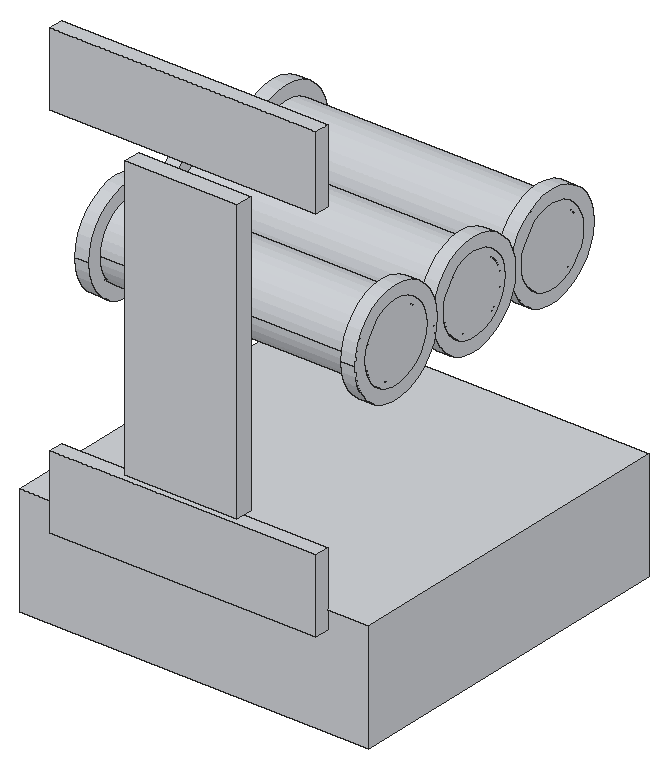
Revit family "GIS_CurrentTransformer", category Equipamento elétrico, Revit 2027
Family settings
  Configuração do painel = Duas colunas, circuitos transversais
  Cota do conector redondo = Utilizar diâmetro
  Tipo de parte = Painel de controle
  Com base no plano de trabalho = Não
  Sempre na vertical = Sim
  Corte com vazios quando carregada = Não
  Manter orientação da anotação = Não
  Compartilhado = Não
  Ponto de cálculo do ambiente = Não
Parameters (values of type "GIS_CT_145KV_STUDY")
  Default Elevation = 0 mm
  built-in parameter 1140142 [instance] = (empty or 0)
  built-in parameter 1140140 [instance] = 1 (stored number, unit not read)
  BIM_TensaoSecundaria_kV = 0
  BIM_TensaoNominal_kV = 138
  BIM_TensaoClasse_kV = 145
  BIM_TensaoClasseSecundaria_kV = 0
  BIM_TensaoAuxiliarCA_kV = 0
  BIM_Sistema_Elemento [instance] = ""
  BIM_ReferenciaCatalogo = "Portfolio estimate; ratio/class pending protection study"
  BIM_Profundidade = 800 mm
  BIM_Potencia_MVA = 0
  BIM_Localizacao [instance] = ""
  BIM_Largura = 800 mm
  BIM_Impedancia_pu = 0
  BIM_FonteGeometria = "Portfolio estimate; ratio/class pending protection study"
  BIM_Fabricante = "NAO SELECIONADO"
  BIM_EstadoGeometria = "ESTIMATED"
  BIM_EstadoEspecificacao = "PREMISSA / NAO SELECIONADO"
  BIM_DescricaoEstudo = "Transformador de corrente GIS; relacao, classe e nucleos nao selecionados."
  BIM_CorrenteReferenciaSecundaria_A = 0
  BIM_CorrenteNominal_A = 0
  BIM_Bay [instance] = ""
  BIM_AlturaCorpoPrincipal = 252 mm
  BIM_Altura = 1400 mm
  built-in parameter 1155100 [instance] = (empty or 0)
Reference planes
  plane 1 "Centro (Frente/Trás)": y = 0
  plane 2: z = 0
  plane 3 "Centro (Esquerda/Direita)": x = 0
  plane 4 "BIM Left": x = -400
  plane 5 "BIM Right": x = 400
  plane 6 "BIM Front": y = -400
  plane 7 "BIM Back": y = 400
Forms (mm)
  Extrusion 1, solid
    sketch origin (0, 0, 0) x (1, 0, 0) y (0, 1, 0)
      loop
        line (-400, -400) -> (400, -400) -> (400, 400) -> (-400, 400) -> (-400, -400)
    from 0 to 252 <- "BIM_AlturaCorpoPrincipal"
  Extrusion 2, solid
    sketch origin (0, 0, 210) x (1, 0, 0) y (0, 1, 0)
      loop
        line (-304, -433.528) -> (304, -433.528) -> (304, -400) -> (-304, -400) -> (-304, -433.528)
    from 0 to 168
  Extrusion 3, solid
    sketch origin (0, 0, 392) x (1, 0, 0) y (0, 1, 0)
      loop
        line (-128, -439.624) -> (128, -439.624) -> (128, -400) -> (-128, -400) -> (-128, -439.624)
    from 0 to 644
  Extrusion 4, solid
    sketch origin (0, 0, 1078) x (1, 0, 0) y (0, 1, 0)
      loop
        line (-304, -433.528) -> (304, -433.528) -> (304, -400) -> (-304, -400) -> (-304, -433.528)
    from 0 to 168
  Extrusion 5, solid
    sketch origin (-320, -224, 728) x (0, 1, 0) y (0, 0, 1)
      loop
        circle (0, 0) r 88
    from 0 to 640
  Extrusion 6, solid
    sketch origin (-320, -224, 728) x (0, 1, 0) y (0, 0, 1)
      loop
        circle (0, 0) r 117.92
      loop
        circle (0, 0) r 73.92
    from 0 to 32
  Extrusion 7, solid
    sketch origin (288, -224, 728) x (0, 1, 0) y (0, 0, 1)
      loop
        circle (0, 0) r 117.92
      loop
        circle (0, 0) r 73.92
    from 0 to 32
  Extrusion 8, solid
    sketch origin (-320, 0, 728) x (0, 1, 0) y (0, 0, 1)
      loop
        circle (0, 0) r 88
    from 0 to 640
  Extrusion 9, solid
    sketch origin (-320, 0, 728) x (0, 1, 0) y (0, 0, 1)
      loop
        circle (0, 0) r 117.92
      loop
        circle (0, 0) r 73.92
    from 0 to 32
  Extrusion 10, solid
    sketch origin (288, 0, 728) x (0, 1, 0) y (0, 0, 1)
      loop
        circle (0, 0) r 117.92
      loop
        circle (0, 0) r 73.92
    from 0 to 32
  Extrusion 11, solid
    sketch origin (-320, 224, 728) x (0, 1, 0) y (0, 0, 1)
      loop
        circle (0, 0) r 88
    from 0 to 640
  Extrusion 12, solid
    sketch origin (-320, 224, 728) x (0, 1, 0) y (0, 0, 1)
      loop
        circle (0, 0) r 117.92
      loop
        circle (0, 0) r 73.92
    from 0 to 32
  Extrusion 13, solid
    sketch origin (288, 224, 728) x (0, 1, 0) y (0, 0, 1)
      loop
        circle (0, 0) r 117.92
      loop
        circle (0, 0) r 73.92
    from 0 to 32
Dimensions and locks
  "BIM_Largura": plane 4 "BIM Left" to plane 5 "BIM Right"
  "BIM_Profundidade": plane 6 "BIM Front" to plane 7 "BIM Back"
  aligned and locked: level to plane 2
  aligned and locked: plane 4 "BIM Left" to Extrusion 1
  aligned and locked: Extrusion 1 to plane 5 "BIM Right"
  aligned and locked: Extrusion 1 to plane 6 "BIM Front"
  aligned and locked: plane 7 "BIM Back" to Extrusion 1
Automatic sketch dimensions
  Extrusion 1 sketch curve to plane 4 "BIM Left" = 0 mm
  Extrusion 1 sketch curve to plane 5 "BIM Right" = 0 mm
  Extrusion 1 sketch curve to plane 6 "BIM Front" = 0 mm
  Extrusion 1 sketch curve to plane 7 "BIM Back" = 0 mm
  Extrusion 2 sketch curve to plane 6 "BIM Front" = 0 mm
  Extrusion 2 sketch curve to plane 6 "BIM Front" = 33.528 mm
  Extrusion 2 sketch curve to plane 4 "BIM Left" = 96 mm
  plane 5 "BIM Right" to Extrusion 2 sketch curve = 96 mm
  Extrusion 3 sketch curve to plane 6 "BIM Front" = 0 mm
  Extrusion 3 sketch curve to plane 6 "BIM Front" = 39.624 mm
  Extrusion 3 sketch curve to plane 3 "Centro (Esquerda/Direita)" = 128 mm
  plane 3 "Centro (Esquerda/Direita)" to Extrusion 3 sketch curve = 128 mm
  Extrusion 4 sketch curve to plane 6 "BIM Front" = 0 mm
  Extrusion 4 sketch curve to plane 6 "BIM Front" = 33.528 mm
  Extrusion 4 sketch curve to plane 4 "BIM Left" = 96 mm
  plane 5 "BIM Right" to Extrusion 4 sketch curve = 96 mm
  Extrusion 5 sketch curve to Extrusion 5 sketch curve = 0 mm  (x2)
  plane 6 "BIM Front" to Extrusion 5 sketch curve = 176 mm
  level to Extrusion 5 sketch curve = 728 mm
  Extrusion 5 sketch curve to Extrusion 5 sketch curve = 88 mm
  Extrusion 6 sketch curve to Extrusion 6 sketch curve = 0 mm  (x12)
  plane 6 "BIM Front" to Extrusion 6 sketch curve = 176 mm
  level to Extrusion 6 sketch curve = 728 mm
  Extrusion 6 sketch curve to Extrusion 6 sketch curve = 73.92 mm
  Extrusion 6 sketch curve to Extrusion 6 sketch curve = 44 mm
  Extrusion 7 sketch curve to Extrusion 7 sketch curve = 0 mm  (x12)
  plane 6 "BIM Front" to Extrusion 7 sketch curve = 176 mm
  level to Extrusion 7 sketch curve = 728 mm
  Extrusion 7 sketch curve to Extrusion 7 sketch curve = 73.92 mm
  Extrusion 7 sketch curve to Extrusion 7 sketch curve = 44 mm
  Extrusion 8 sketch curve to Extrusion 8 sketch curve = 0 mm  (x2)
  Extrusion 8 sketch curve to plane 1 "Centro (Frente/Trás)" = 0 mm
  level to Extrusion 8 sketch curve = 728 mm
  Extrusion 8 sketch curve to Extrusion 8 sketch curve = 88 mm
  Extrusion 9 sketch curve to Extrusion 9 sketch curve = 0 mm  (x12)
  Extrusion 9 sketch curve to plane 1 "Centro (Frente/Trás)" = 0 mm
  level to Extrusion 9 sketch curve = 728 mm
  Extrusion 9 sketch curve to Extrusion 9 sketch curve = 73.92 mm
  Extrusion 9 sketch curve to Extrusion 9 sketch curve = 44 mm
  Extrusion 10 sketch curve to Extrusion 10 sketch curve = 0 mm  (x12)
  Extrusion 10 sketch curve to plane 1 "Centro (Frente/Trás)" = 0 mm
  level to Extrusion 10 sketch curve = 728 mm
  Extrusion 10 sketch curve to Extrusion 10 sketch curve = 73.92 mm
  Extrusion 10 sketch curve to Extrusion 10 sketch curve = 44 mm
  Extrusion 11 sketch curve to Extrusion 11 sketch curve = 0 mm  (x2)
  Extrusion 11 sketch curve to plane 7 "BIM Back" = 176 mm
  level to Extrusion 11 sketch curve = 728 mm
  Extrusion 11 sketch curve to Extrusion 11 sketch curve = 88 mm
  Extrusion 12 sketch curve to Extrusion 12 sketch curve = 0 mm  (x12)
  Extrusion 12 sketch curve to plane 7 "BIM Back" = 176 mm
  level to Extrusion 12 sketch curve = 728 mm
  Extrusion 12 sketch curve to Extrusion 12 sketch curve = 73.92 mm
  Extrusion 12 sketch curve to Extrusion 12 sketch curve = 44 mm
  Extrusion 13 sketch curve to Extrusion 13 sketch curve = 0 mm  (x12)
  Extrusion 13 sketch curve to plane 7 "BIM Back" = 176 mm
  level to Extrusion 13 sketch curve = 728 mm
  Extrusion 13 sketch curve to Extrusion 13 sketch curve = 73.92 mm
  Extrusion 13 sketch curve to Extrusion 13 sketch curve = 44 mm
